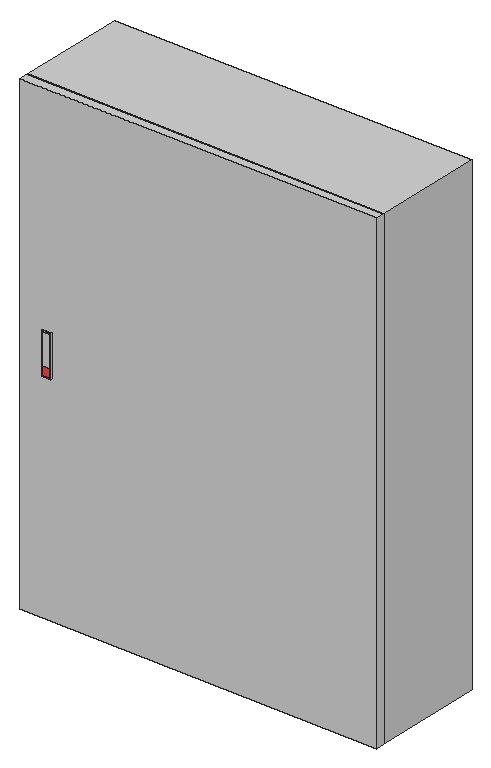
Revit family "PN-照明分電箱-壁掛-共用-N-0", category 電氣設備, Revit 2017
Family settings
  面板規劃 = 兩欄，回路穿越
  圓形接點標註 = 使用直徑
  組件類型 = 配電盤
  OmniClass 編號 = 23.80.30.11.17
  OmniClass 標題 = Distribution Boards and Control Panels
  以工作平面為基礎 = 否
  總是垂直 = 是
  載入時使用空心挖方 = 否
  共用 = 是
  房間計算點 = 否
Parameters (values of type "100A-600(W)x200(D)x(800H)")
  預設高程 = 1800 mm
  門鈑 = 15 mm
  設備編號 = "PN-100A"
  設備名稱 = "一般照明分電箱"
  把手W = 45 mm
  工項名稱 = "照明分電箱-壁掛式 600(W)x200(D)x(800H)"
  工項代碼 = "M1647163338"
  工程用量 = "1"
  圖例說明 = "一般照明分電箱"
  單價 = "1"
  單位 = "組"
  品類 = "電氣設備"
  把手H = (箱體H / 2) - 35 mm  # 365 mm
  箱體W = 600 mm
  箱體H = 800 mm
  箱體D = 200 mm
  主幹線類型 = "30"
  MCB 額定值 = 15 A
Types (8, lengths in mm): name | 把手H | 箱體W | 箱體H | 箱體D | 主幹線類型 | MCB 額定值
  100A-600(W)x200(D)x(800H) | 365 | 600 | 800 | 200 | "30" | 15 A
  100A-650(W)x200(D)x(1200H) | 565 | 650 | 1200 | 200 | 0 | (empty or 0)
  100A-480(W)x300(D)x(900H) | 415 | 480 | 900 | 300 | 0 | (empty or 0)
  100A-480(W)x300(D)x(800H) | 365 | 480 | 800 | 300 | 0 | (empty or 0)
  100A-750(W)x200(D)x(400H) | 165 | 600 | 400 | 200 | 0 | (empty or 0)
  100A-400(W)x200(D)x(700H) | 315 | 400 | 700 | 200 | 0 | (empty or 0)
  100A-600(W)x200(D)x(1200H) | 565 | 600 | 1200 | 200 | 0 | (empty or 0)
  100A-600(W)x400(D)x(800H) | 365 | 600 | 800 | 400 | 0 | (empty or 0)
Reference planes
  plane 1 "中心 (前/後)": y = 0
  plane 2: z = 0
  plane 3 "中心 (左/右)": x = 0
Forms (mm)
  Extrusion 1, solid, not visible
    sketch origin (-130.693, 0, -768.6) x (1, 0, 0) y (0, 0, 1)
      loop
        circle (130.693, 768.635) r 30
    from 0 to 4
  Extrusion 2, solid, not visible
    sketch origin (-127.361, 0, -769.033) x (1, 0, 0) y (0, 0, 1)
      loop
        circle (127.358, 769.067) r 15
    from 0 to 30
  Extrusion 3, solid, not visible
    sketch origin (-113.434, -30, -700.978) x (1, 0, 0) y (0, 0, 1)
      loop
        line (124.435, 581.013) -> (129.434, 710.974)
        arc (129.434, 710.974) -> (124.338, 723.312) -> (113.434, 731.013) r 23.972
        arc (113.434, 731.013) -> (102.53, 723.312) -> (97.435, 710.974) r 23.972
        line (97.435, 710.974) -> (102.434, 581.013) -> (124.435, 581.013)
    from 0 to 15
  Extrusion 4, solid, material "箱體(分電箱)", detail levels medium+fine
    sketch origin (0, 0, 0) x (1, 0, 0) y (0, 1, 0)
      loop
        line (0, 0) -> (0, -185) -> (600, -185) -> (600, 0) -> (0, 0)
    from 0 to 800
  Extrusion 5, solid, material "門鈑(分電箱)", detail levels medium+fine
    sketch origin (0, 0, 0) x (1, 0, 0) y (0, 1, 0)
      loop
        line (0, -185) -> (0, -200) -> (600, -200) -> (600, -185) -> (0, -185)
    from 0 to 800
Lines and regions (mm)
  reference lines
    curve 1: line (0, 3540, 2550) -> (0, -960, 2550)
    curve 2: line (-1639.226, 0, 0) -> (1944.447, 0, 0)
    curve 3: line (0, 1296.25, 0) -> (0, -1434.717, 0)
    curve 4: line (600, 1296.25, 0) -> (600, -1434.717, 0)
    curve 5: line (0, 0, -840) -> (0, 0, 1160)
    curve 6: line (-1639.226, -185, 0) -> (1944.447, -185, 0)
    curve 7: line (-1639.226, -200, 0) -> (1944.447, -200, 0)
    curve 8: line (-1860, 0, 0) -> (1340, 0, 0)
    curve 9: line (-1860, 0, 365) -> (1340, 0, 365)
    curve 10: line (-1860, 0, 800) -> (1340, 0, 800)
    curve 11: line (45, 0, -840) -> (45, 0, 1160)
Dimensions and locks
  "箱體W": curve 3 to curve 4
  "箱體D": curve 7 to curve 2
  "門鈑": curve 7 to curve 6
  "把手H": curve 9 to curve 7
  "把手W": curve 11 to curve 5
  "箱體H": curve 10 to curve 7
  aligned and locked: level to plane 2
  aligned and locked: Extrusion 5 sketch curve to Extrusion 4  (x2)
  aligned and locked: curve 4 to Extrusion 5 sketch curve
  aligned and locked: Extrusion 4 to curve 4
  aligned and locked: curve 6 to Extrusion 4
  aligned and locked: curve 7 to Extrusion 5
  aligned and locked: curve 9 to nested 1
  aligned and locked: curve 11 to nested 1
  aligned and locked: Extrusion 5 to curve 10
  aligned and locked: Extrusion 4 to curve 10
Automatic sketch dimensions
  curve 2 to plane 1 "中心 (前/後)" = 0 mm
  curve 3 to plane 3 "中心 (左/右)" = 0 mm
  curve 2 to plane 3 "中心 (左/右)" = 1639.226 mm
  plane 3 "中心 (左/右)" to curve 2 = 1944.447 mm
  plane 1 "中心 (前/後)" to curve 4 = 1434.717 mm
  curve 3 to curve 4 = 0 mm  (x2)
  curve 4 to plane 1 "中心 (前/後)" = 1296.25 mm
  plane 1 "中心 (前/後)" to curve 1 = 960 mm
  level to curve 1 = 2550 mm
  curve 1 to plane 1 "中心 (前/後)" = 3540 mm
  Extrusion 4 sketch curve to plane 3 "中心 (左/右)" = 0 mm
  plane 1 "中心 (前/後)" to Extrusion 4 sketch curve = 0 mm
  Extrusion 4 sketch curve to Extrusion 4 sketch curve = 600 mm
  Extrusion 4 sketch curve to Extrusion 4 sketch curve = 185 mm
  Extrusion 5 sketch curve to Extrusion 5 sketch curve = 15 mm
  curve 6 to curve 2 = 0 mm  (x2)
  curve 7 to curve 6 = 0 mm  (x2)
  curve 8 to level = 0 mm
  curve 5 to plane 3 "中心 (左/右)" = 0 mm
  curve 8 to plane 3 "中心 (左/右)" = 1860 mm
  plane 3 "中心 (左/右)" to curve 8 = 1340 mm
  curve 5 to level = 840 mm
  level to curve 5 = 1160 mm
  curve 9 to curve 8 = 0 mm  (x2)
  curve 10 to curve 8 = 0 mm  (x2)
  curve 11 to curve 5 = 0 mm  (x2)
Nested families
  nested 1: "PN-分電箱手把-0-0" at (45, -200, 400), type "分電箱手把", detail levels medium+fine
Connectors
  electrical at (300, -92.5, 800)
    settings: on Extrusion 4, index 1, voltage 220 V, apparent load 0 VA, apparent load phase1 0 VA, apparent load phase2 0 VA, apparent load phase3 0 VA, power factor 1, load classification "其他", number of poles 1, system type 30, power factor state 1, is connector primary yes, connector utility no, sub classification motor no, connector description "照明分電箱"
Definition of nested family "PN-分電箱手把-0-0"
  Parameters
    Default Elevation = 1200 mm
  Reference planes
    plane 1 "中心 (前/後)": y = 0
    plane 2: z = 0
    plane 3 "中心 (左/右)": x = 0
  Forms (mm)
    Extrusion 1, solid
      sketch origin (9.141, 0, -83.084) x (1, 0, 0) y (0, 0, 1)
        loop
          line (-16.641, 48.084) -> (-1.641, 48.084) -> (-1.641, 118.084) -> (-16.641, 118.084) -> (-16.641, 48.084)
      from 0 to 2
    Extrusion 2, void
      sketch origin (0, 0, 0) x (1, 0, 0) y (0, 0, 1)
        loop
          line (6.5, 34) -> (-6.5, 34) -> (-6.5, -34) -> (6.5, -34) -> (6.5, 34)
      from 0 to 2
    Extrusion 3, solid
      sketch origin (0, 0, 0) x (1, 0, 0) y (0, 0, 1)
        loop
          line (-6.5, -19) -> (-6.5, -34) -> (6.5, -34) -> (6.5, -19) -> (-6.5, -19)
      from 0 to 2
    Extrusion 4, solid
      sketch origin (0, 0, 0) x (1, 0, 0) y (0, 0, 1)
        loop
          line (-6.5, -19) -> (6.5, -19) -> (6.5, 34) -> (-6.5, 34) -> (-6.5, -19)
      from 0 to 2
  Cuts and joins
    Extrusion 2 cuts Extrusion 1
  Dimensions and locks
    equal spacing: cut or joined group of Extrusion 1, Extrusion 2, level, cut or joined group of Extrusion 1, Extrusion 2, locked at 35 each
    locked: cut or joined group of Extrusion 1, Extrusion 2 to cut or joined group of Extrusion 1, Extrusion 2 at 70
    equal spacing: cut or joined group of Extrusion 1, Extrusion 2, plane 3 "中心 (左/右)", cut or joined group of Extrusion 1, Extrusion 2, locked at 7.5 each
    locked: cut or joined group of Extrusion 1, Extrusion 2 to cut or joined group of Extrusion 1, Extrusion 2 at 15
    aligned and locked: level to plane 2
    aligned and locked: Extrusion 4 sketch curve to Extrusion 3  (x2)
    aligned and locked: Extrusion 4 sketch curve to cut or joined group of Extrusion 1, Extrusion 2
    aligned and locked: cut or joined group of Extrusion 1, Extrusion 2 to Extrusion 4 sketch curve
  Automatic sketch dimensions
    Extrusion 1 sketch curve to plane 3 "中心 (左/右)" = 7.5 mm
    plane 3 "中心 (左/右)" to Extrusion 1 sketch curve = 7.5 mm
    Extrusion 1 sketch curve to level = 35 mm
    level to Extrusion 1 sketch curve = 35 mm
    Extrusion 2 sketch curve to plane 3 "中心 (左/右)" = 6.5 mm
    plane 3 "中心 (左/右)" to Extrusion 2 sketch curve = 6.5 mm
    Extrusion 2 sketch curve to level = 34 mm
    level to Extrusion 2 sketch curve = 34 mm
    Extrusion 3 sketch curve to plane 3 "中心 (左/右)" = 6.5 mm
    plane 3 "中心 (左/右)" to Extrusion 3 sketch curve = 6.5 mm
    Extrusion 3 sketch curve to level = 34 mm
    Extrusion 3 sketch curve to Extrusion 3 sketch curve = 15 mm
